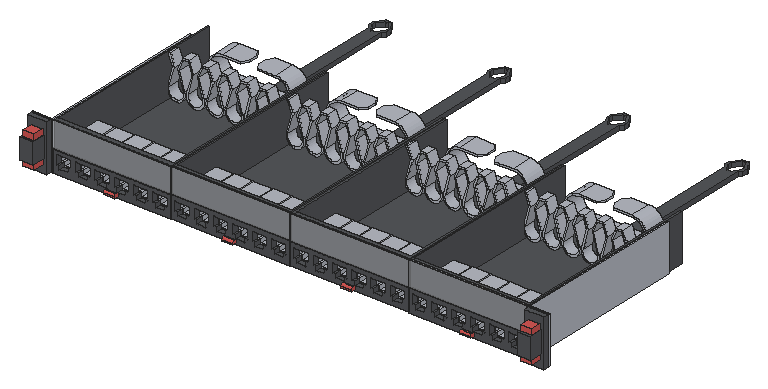
Revit family "Paneles planos de interconexión cobre", category Equipement spécialisé, Revit 2020
Family settings
  Cote de connecteur circulaire = Utiliser le diamètre
  Type d'élément = Normal
  Basée sur le plan de construction = Non
  Toujours verticalement = Oui
  Couper avec des vides une fois chargée = Non
  Partagée = Oui
  Point de calcul de pièce = Non
Parameters (values of type "Panel de interconexión plano 24 RJ45 Cat 8 STP 1U")
  Tipo de conexión = "Toma vampiro para cable plano"
  Tipo de conector = "RJ45"
  Temperatura operativa = "-25°C à 70°C"
  Temperatura de almacenamiento = "-40°C à 70°C"
  Tamaño modular = "19 pulgadas"
  Soporte del cable = "En zigzag"
  Profundidad = 120.00 mm
  Número de pieza Legrand = "033782"
  Número de conectores = "24"
  Numero RAL = "9017"
  Natura del cable para la conexión = "Flexible o rígido"
  Módulos de altura = "1"
  Función = "Paneles de interconexión planos y equipados"
  Formulación BIM = "Panel de interconexión plano 24 RJ45 Cat 8 STP 1U"
  Elévation par défaut = 0.00 mm
  EAN = "3414970982063"
  E-catalogo enlace = "https://www.legrand.fr/reference/033782/pro"
  Color = IDS_NOIR
  Clase de protección IK = "IK03"
  Clase de aplicación = "EC001128"
  Categoria = "8"
  Blindado = yes
  Anchura (mm) = 482.60 mm
  Altura = 44.45 mm
Types (8, lengths in mm): name | Profundidad | Número de pieza Legrand | Formulación BIM | EAN | E-catalogo enlace | Categoria | Blindado | Anchura (mm) | Altura
  Panel de interconexión plano 24 RJ45 Cat 5e UTP 1U | 321.70 | "033750" | "Panel de interconexión plano 24 RJ45 Cat 5e UTP 1U" | "3414970870308" | "https://www.legrand.fr/reference/033750/pro" | "5E" | no | 482.50 | 43.85
  Panel de interconexión plano 24 RJ45 Cat 5e FTP 1U | 321.70 | "033751" | "Panel de interconexión plano 24 RJ45 Cat 5e FTP 1U" | "3414970870322" | "https://www.legrand.fr/reference/033751/pro" | "5E" | yes | 482.50 | 43.85
  Panel de interconexión plano 24 RJ45 Cat 6 UTP 1U | 321.70 | "033760" | "Panel de interconexión plano 24 RJ45 Cat 6 UTP 1U" | "3414970870537" | "https://www.legrand.fr/reference/033760/pro" | "6" | no | 482.50 | 43.85
  Panel de interconexión plano 24 RJ45 Cat 6 FTP 1U | 321.70 | "033761" | "Panel de interconexión plano 24 RJ45 Cat 6 FTP 1U" | "3414970870551" | "https://www.legrand.fr/reference/033761/pro" | "6" | yes | 482.50 | 43.85
  Panel de interconexión plano 24 RJ45 Cat 6 STP 1U | 321.70 | "033762" | "Panel de interconexión plano 24 RJ45 Cat 6 STP 1U" | "3414970870575" | "https://www.legrand.fr/reference/033762/pro" | "6" | yes | 482.50 | 43.85
  Panel de interconexión plano 24 RJ45 Cat 6A UTP 1U | 321.70 | "033770" | "Panel de interconexión plano 24 RJ45 Cat 6A UTP 1U" | "3414970870681" | "https://www.legrand.fr/reference/033770/pro" | "6A" | no | 482.50 | 43.85
  Panel de interconexión plano 24 RJ45 Cat 6A STP 1U | 321.70 | "033772" | "Panel de interconexión plano 24 RJ45 Cat 6A STP 1U" | "3414970870704" | "https://www.legrand.fr/reference/033772/pro" | "6A" | yes | 482.50 | 43.85
  Panel de interconexión plano 24 RJ45 Cat 8 STP 1U | 120.00 | "033782" | "Panel de interconexión plano 24 RJ45 Cat 8 STP 1U" | "3414970982063" | "https://www.legrand.fr/reference/033782/pro" | "8" | yes | 482.60 | 44.45
Reference planes
  plane 1 "Centre (avant/arrière)": y = 106
  plane 2: z = 0
  plane 3: x = 0
  plane 4: y = 104.5
  plane 5: x = -1.5
  plane 6: y = 267
  plane 7: x = -19.5
  plane 8: x = 463
  plane 9: x = 443.5
  plane 10: x = 445
  plane 11: y = 267
  plane 12: z = 43.85
  plane 13: z = 43.85
  plane 14: x = -14.25
  plane 15: x = -6.75
  plane 16: z = 34.803
  plane 17: z = 40.803
  plane 18: z = 25.178
  plane 19: z = 18.678
  plane 20: z = 9.053
  plane 21: z = 3.053
  plane 22: x = 221.75
  plane 23: x = -10.5
  plane 24: x = 221.75
  plane 25: x = 457.75
  plane 26: x = 450.25
  plane 27: z = 34.805
  plane 28: z = 40.805
  plane 29: z = 25.175
  plane 30: z = 18.675
  plane 31: z = 9.045
  plane 32: z = 3.045
  plane 33: x = 221.75
  plane 34: x = 454
  plane 35: z = 21.925
  plane 36: z = 21.925
  plane 37: x = -10.5
  plane 38: z = 21.925
  plane 39: z = 21.925
  plane 40: x = 454
  plane 41: x = -10.5
  plane 42: x = 454
Forms (mm)
  Extrusion 1, solid, material "IDS_ALU"
    sketch origin (-186.207, 0, 0) x (1, 0, 0) y (0, 1, 0)
      loop
        line (166.707, 104.5) -> (186.207, 104.5) -> (186.207, 267) -> (184.707, 267) -> (184.707, 106) -> (166.707, 106) -> (166.707, 104.5)
    from 0 to 43.85
  Extrusion 2, solid, material "IDS_ALU"
    sketch origin (-186.207, 0, 0) x (1, 0, 0) y (0, 1, 0)
      loop
        line (629.707, 104.5) -> (649.207, 104.5) -> (649.207, 106) -> (631.207, 106) -> (631.207, 267) -> (629.707, 267) -> (629.707, 104.5)
    from 0 to 43.85
  Extrusion 3, void
    sketch origin (0, 106, 0) x (1, 0, 0) y (0, 0, 1)
      loop
        line (-14.25, 40.803) -> (-14.25, 34.803) -> (-6.75, 34.803) -> (-6.75, 40.803) -> (-14.25, 40.803)
      loop
        line (-14.25, 25.178) -> (-14.25, 18.678) -> (-6.75, 18.678) -> (-6.75, 25.178) -> (-14.25, 25.178)
      loop
        line (-14.25, 9.053) -> (-14.25, 3.053) -> (-6.75, 3.053) -> (-6.75, 9.053) -> (-14.25, 9.053)
    from 0 to 1.5
  Extrusion 4, void
    sketch origin (443.5, 106, 0) x (-1, 0, 0) y (0, 0, -1)
      loop
        line (-14.25, -40.805) -> (-6.75, -40.805) -> (-6.75, -34.805) -> (-14.25, -34.805) -> (-14.25, -40.805)
      loop
        line (-14.25, -25.175) -> (-6.75, -25.175) -> (-6.75, -18.675) -> (-14.25, -18.675) -> (-14.25, -25.175)
      loop
        line (-14.25, -9.045) -> (-6.75, -9.045) -> (-6.75, -3.045) -> (-14.25, -3.045) -> (-14.25, -9.045)
    from 0 to 1.5
  Extrusion 5, solid, material "IDS_NOIR"
    sketch origin (-19.5, 95.233, 0) x (1, 0, 0) y (0, 0, 1)
      loop
        line (3, 31.425) -> (3, 12.425) -> (15, 12.425) -> (15, 31.425) -> (3, 31.425)
    from -4.267 to 7.733
  Extrusion 6, solid, material "IDS_NOIR"
    sketch origin (443, 104.5, 0) x (1, 0, 0) y (0, 0, 1)
      loop
        line (5, 31.925) -> (5, 11.925) -> (17, 11.925) -> (17, 31.925) -> (5, 31.925)
    from 5 to 17
  Extrusion 7, solid, material "IDS_ROUGE"
    sketch origin (443, 104.5, 0) x (1, 0, 0) y (0, 0, 1)
      loop
        line (6, 31.925) -> (16, 31.925) -> (16, 36.925) -> (6, 36.925) -> (6, 31.925)
      loop
        line (6, 11.925) -> (6, 6.925) -> (16, 6.925) -> (16, 11.925) -> (6, 11.925)
    from 5 to 15
  Extrusion 8, solid, material "IDS_NOIR"
    sketch origin (-19.5, 104.5, 0) x (1, 0, 0) y (0, 0, 1)
      loop
        line (0, 43.85) -> (0, 0) -> (18, 0) -> (18, 43.85) -> (0, 43.85)
    from 0 to 5
  Extrusion 9, solid, material "IDS_ROUGE"
    sketch origin (-19.5, 104.5, 0) x (1, 0, 0) y (0, 0, 1)
      loop
        line (4, 31.425) -> (14, 31.425) -> (14, 36.925) -> (4, 36.925) -> (4, 31.425)
      loop
        line (4, 12.425) -> (4, 6.925) -> (14, 6.925) -> (14, 12.425) -> (4, 12.425)
    from 15 to 5
  Extrusion 10, solid, material "IDS_NOIR"
    sketch origin (-19.5, 104.5, 0) x (1, 0, 0) y (0, 0, 1)
      loop
        line (464.5, 43.85) -> (464.5, 0) -> (482.5, 0) -> (482.5, 43.85) -> (464.5, 43.85)
    from 0 to 5
Cuts and joins
  Extrusion 3, Extrusion 4 cuts Extrusion 1
  Extrusion 4 cuts Extrusion 2
Dimensions and locks
  locked: plane 1 "Centre (avant/arrière)" to plane 4 at 1.5
  locked: plane 5 to plane 3 at 1.5
  locked: plane 6 to plane 4 at 162.5
  plane 7 to plane 3 = 19.50 mm
  plane 7 to plane 8 = 482.50 mm
  locked: plane 9 to plane 8 at 19.5
  plane 9 to plane 10 = 1.50 mm
  locked: plane 12 to level at 43.85
  plane 18 to plane 19 = 6.50 mm
  plane 15 to plane 14 = 7.50 mm
  equal spacing: plane 8, plane 22, plane 7
  plane 23 to plane 22 = 232.25 mm
  equal spacing: plane 15, plane 23, plane 14
  plane 16 to plane 18 = 9.625 mm
  plane 19 to plane 20 = 9.625 mm
  plane 17 to plane 16 = 6.00 mm
  plane 20 to plane 21 = 6.00 mm
  equal spacing: plane 8, plane 24, plane 7
  plane 29 to plane 30 = 6.50 mm
  plane 26 to plane 25 = 7.50 mm
  plane 34 to plane 33 = 232.25 mm
  equal spacing: plane 26, plane 34, plane 25
  plane 27 to plane 29 = 9.63 mm
  plane 30 to plane 31 = 9.63 mm
  plane 28 to plane 27 = 6.00 mm
  plane 31 to plane 32 = 6.00 mm
  plane 3 to cut or joined group of Extrusion 2, Extrusion 4 = 443.50 mm
  equal spacing: plane 12, plane 35, level
  plane 3 to plane 7 = 19.50 mm
  locked: Extrusion 5 sketch curve to Extrusion 5 sketch curve at 12
  locked: plane 36 to level at 21.925
  equal spacing: cut or joined group of Extrusion 1, Extrusion 3, Extrusion 4, plane 37, cut or joined group of Extrusion 1, Extrusion 3, Extrusion 4
  equal spacing: Extrusion 5 sketch curve, plane 37, Extrusion 5 sketch curve
  equal spacing: Extrusion 5 sketch curve, plane 35, Extrusion 5 sketch curve
  equal spacing: plane 13, plane 38, cut or joined group of Extrusion 2, Extrusion 4
  locked: Extrusion 6 sketch curve to Extrusion 6 sketch curve at 12
  equal spacing: Extrusion 6 sketch curve, plane 40, Extrusion 6 sketch curve
  equal spacing: Extrusion 6 sketch curve, plane 39, Extrusion 6 sketch curve
  plane 35 to Extrusion 5 sketch curve = 9.50 mm
  locked: Extrusion 8 to Extrusion 8 at 5
  Extrusion 9 sketch curve to Extrusion 5 = 5.50 mm
  Extrusion 5 to Extrusion 9 sketch curve = 5.50 mm
  locked: Extrusion 9 sketch curve to Extrusion 9 sketch curve at 10  (x2)
  equal spacing: Extrusion 5, plane 41, Extrusion 5
  equal spacing: Extrusion 9 sketch curve, plane 41, Extrusion 9 sketch curve  (x2)
  Extrusion 9 sketch curve to plane 41 = 5.00 mm
  Extrusion 8 to Extrusion 5 = 12.00 mm
  Extrusion 9 to Extrusion 8 = 10.00 mm
  Extrusion 10 to Extrusion 10 = 5.00 mm
  Extrusion 6 to Extrusion 10 = 12.00 mm
  Extrusion 7 to Extrusion 10 = 10.00 mm
  plane 39 to Extrusion 6 sketch curve = 10.00 mm
  equal spacing: cut or joined group of Extrusion 2, Extrusion 4, plane 40, cut or joined group of Extrusion 2, Extrusion 4
  Extrusion 7 sketch curve to Extrusion 6 = 5.00 mm
  Extrusion 6 to Extrusion 7 sketch curve = 5.00 mm
  equal spacing: Extrusion 6, plane 42, Extrusion 6
  equal spacing: Extrusion 7 sketch curve, plane 42, Extrusion 7 sketch curve
  Extrusion 7 sketch curve to plane 42 = 5.00 mm
  aligned and locked: level to plane 2
  aligned and locked: Extrusion 1 sketch curve to plane 4
  aligned and locked: Extrusion 1 sketch curve to plane 3
  aligned and locked: Extrusion 1 sketch curve to plane 5
  aligned and locked: Extrusion 1 sketch curve to plane 1 "Centre (avant/arrière)"
  aligned and locked: Extrusion 1 sketch curve to plane 6
  aligned and locked: Extrusion 1 sketch curve to plane 7
  aligned and locked: Extrusion 1 to level
  aligned and locked: plane 11 to plane 6
  aligned and locked: Extrusion 2 sketch curve to plane 4
  aligned and locked: Extrusion 2 sketch curve to plane 9
  aligned and locked: Extrusion 2 sketch curve to plane 10
  aligned and locked: Extrusion 2 sketch curve to plane 1 "Centre (avant/arrière)"
  aligned and locked: Extrusion 2 sketch curve to plane 8
  aligned and locked: Extrusion 2 sketch curve to plane 11
  aligned and locked: plane 13 to plane 12
  aligned and locked: plane 12 to Extrusion 1
  aligned and locked: Extrusion 2 to Extrusion 1
  aligned and locked: Extrusion 3 sketch curve to plane 17
  aligned and locked: Extrusion 3 sketch curve to plane 16
  aligned and locked: Extrusion 3 sketch curve to plane 14  (x3)
  aligned and locked: Extrusion 3 sketch curve to plane 15  (x3)
  aligned and locked: Extrusion 3 sketch curve to plane 18
  aligned and locked: Extrusion 3 sketch curve to plane 19
  aligned and locked: Extrusion 3 sketch curve to plane 20
  aligned and locked: Extrusion 3 sketch curve to plane 21
  aligned and locked: Extrusion 3 to plane 4
  aligned and locked: Extrusion 3 to plane 1 "Centre (avant/arrière)"
  aligned and locked: plane 28 to Extrusion 4 sketch curve
  aligned and locked: plane 27 to Extrusion 4 sketch curve
  aligned and locked: plane 25 to Extrusion 4 sketch curve  (x3)
  aligned and locked: plane 26 to Extrusion 4 sketch curve  (x3)
  aligned and locked: plane 29 to Extrusion 4 sketch curve
  aligned and locked: plane 30 to Extrusion 4 sketch curve
  aligned and locked: plane 31 to Extrusion 4 sketch curve
  aligned and locked: plane 32 to Extrusion 4 sketch curve
  aligned and locked: plane 3 to nested 1
  aligned and locked: plane 1 "Centre (avant/arrière)" to nested 1
  aligned and locked: Extrusion 7 sketch curve to Extrusion 7 sketch curve  (x2)
  aligned and locked: Extrusion 8 sketch curve to cut or joined group of Extrusion 1, Extrusion 3, Extrusion 4  (x3)
  aligned and locked: level to Extrusion 8 sketch curve
  aligned and locked: plane 4 to Extrusion 8
  aligned and locked: Extrusion 5 to Extrusion 8
  aligned and locked: Extrusion 9 sketch curve to Extrusion 5
  aligned and locked: Extrusion 5 to Extrusion 9 sketch curve
  aligned and locked: Extrusion 5 to Extrusion 9
  aligned and locked: Extrusion 10 sketch curve to cut or joined group of Extrusion 2, Extrusion 4
  aligned and locked: Extrusion 10 sketch curve to plane 8
  aligned and locked: plane 13 to Extrusion 10 sketch curve
  aligned and locked: level to Extrusion 10 sketch curve
  aligned and locked: Extrusion 6 to Extrusion 10
  aligned and locked: Extrusion 6 to Extrusion 7
Automatic sketch dimensions
  Extrusion 1 to Extrusion 6 sketch curve = 11.925 mm
  Extrusion 1 to Extrusion 7 sketch curve = 11.925 mm  (x2)
Nested families
  nested 1: "Casete" at (0, 0, 0), type "Casete"
  nested 2: "Casete" at (110.75, 0, 0), type "Casete"
  nested 3: "Casete" at (221.751, 0, 0), type "Casete"
  nested 4: "Casete" at (332.501, 0, 0), type "Casete"
Definition of nested family "Casete"
  Parameters (values of type "IDS_CASSETTE")
    Default Elevation = 0.00 mm
    Couleur = none
  Reference planes
    plane 1 "Centre (avant/arrière)": y = 106
    plane 2: z = 0
    plane 3: x = 0
    plane 4: y = 104.5
    plane 5: y = 284.5
    plane 6: z = 43.85
    plane 7: x = 0.499
    plane 8: x = 110.499
    plane 9: x = 110.999
    plane 10: z = 8
    plane 11: x = 55.499
    plane 12: x = 3.749
    plane 13: x = 17.249
    plane 14: x = 10.499
    plane 15: z = 16.56
    plane 16: x = 6.249
    plane 17: x = 14.749
    plane 18: z = 4.5
    plane 19: x = 3.749
    plane 20: x = 17.249
    plane 21: x = 10.499
    plane 22: z = 16.56
    plane 23: x = 6.249
    plane 24: x = 14.749
    plane 25: z = 4.5
    plane 26: x = 21.749
    plane 27: x = 35.249
    plane 28: x = 28.499
    plane 29: z = 16.56
    plane 30: x = 24.249
    plane 31: x = 32.749
    plane 32: z = 4.5
    plane 33: x = 39.749
    plane 34: x = 53.249
    plane 35: x = 46.499
    plane 36: z = 16.56
    plane 37: x = 42.249
    plane 38: x = 50.749
    plane 39: z = 4.5
    plane 40: x = 107.249
    plane 41: x = 93.749
    plane 42: x = 100.499
    plane 43: z = 16.56
    plane 44: x = 104.749
    plane 45: x = 96.249
    plane 46: z = 4.5
    plane 47: x = 89.249
    plane 48: x = 75.749
    plane 49: x = 82.499
    plane 50: z = 16.56
    plane 51: x = 86.749
    plane 52: x = 78.249
    plane 53: z = 4.5
    plane 54: x = 71.249
    plane 55: x = 57.749
    plane 56: x = 64.499
    plane 57: z = 16.56
    plane 58: x = 68.749
    plane 59: x = 60.249
    plane 60: z = 4.5
    plane 61: x = 49.499
    plane 62: x = 61.499
    plane 63: y = 427.7
    plane 64: x = 46.999
    plane 65: x = 63.999
    plane 66: through (55.499, 431.839, 1200) normal (0.8192, -0.5736, 0)
    plane 67: through (55.499, 402.561, 1200) normal (-0.8192, -0.5736, 0)
    plane 68: through (55.499, 431.839, 1200) normal (0.8192, 0.5736, 0)
    plane 69: through (55.499, 402.561, 1200) normal (-0.8192, 0.5736, 0)
    plane 70: x = 1.999
    plane 71: x = 108.999
    plane 72: y = 109.5
    plane 73: z = 34
    plane 74: y = 264.5
    plane 75: z = 23
    plane 76: x = 47.499
    plane 77: x = 63.499
    plane 78: y = 278.5
    plane 79: y = 270.5
  Forms (mm)
    Extrusion 1, solid
      sketch origin (-186.207, 0, 0) x (1, 0, 0) y (0, 1, 0)
        loop
          line (186.706, 104.5) -> (296.706, 104.5) -> (296.706, 284.5) -> (186.706, 284.5) -> (186.706, 104.5)
      from 0 to 43.85
    Extrusion 2, void
      sketch origin (0, 106, 0) x (1, 0, 0) y (0, 0, 1)
        loop
          line (3.749, 16.56) -> (3.749, 8) -> (6.249, 8) -> (6.249, 4.5) -> (14.749, 4.5) -> (14.749, 8) -> (17.249, 8) -> (17.249, 16.56) -> (3.749, 16.56)
      from -3.5 to 1.5
    Extrusion 3, void, not visible
      sketch origin (0, 106, 0) x (1, 0, 0) y (0, 0, 1)
        loop
          line (3.749, 16.56) -> (3.749, 8) -> (6.249, 8) -> (6.249, 4.5) -> (14.749, 4.5) -> (14.749, 8) -> (17.249, 8) -> (17.249, 16.56) -> (3.749, 16.56)
      from -3.5 to 1.5
    Extrusion 4, void
      sketch origin (0, 106, 0) x (1, 0, 0) y (0, 0, 1)
        loop
          line (21.749, 16.56) -> (21.749, 8) -> (24.249, 8) -> (24.249, 4.5) -> (32.749, 4.5) -> (32.749, 8) -> (35.249, 8) -> (35.249, 16.56) -> (21.749, 16.56)
      from -3.5 to 1.5
    Extrusion 5, void
      sketch origin (0, 106, 0) x (1, 0, 0) y (0, 0, 1)
        loop
          line (39.749, 16.56) -> (39.749, 8) -> (42.249, 8) -> (42.249, 4.5) -> (50.749, 4.5) -> (50.749, 8) -> (53.249, 8) -> (53.249, 16.56) -> (39.749, 16.56)
      from -3.5 to 1.5
    Extrusion 6, void
      sketch origin (36, 106, 0) x (1, 0, 0) y (0, 0, 1)
        loop
          line (71.249, 16.56) -> (57.749, 16.56) -> (57.749, 8) -> (60.249, 8) -> (60.249, 4.5) -> (68.749, 4.5) -> (68.749, 8) -> (71.249, 8) -> (71.249, 16.56)
      from -3.5 to 1.5
    Extrusion 7, void
      sketch origin (18, 106, 0) x (1, 0, 0) y (0, 0, 1)
        loop
          line (71.249, 16.56) -> (57.749, 16.56) -> (57.749, 8) -> (60.249, 8) -> (60.249, 4.5) -> (68.749, 4.5) -> (68.749, 8) -> (71.249, 8) -> (71.249, 16.56)
      from -3.5 to 1.5
    Extrusion 8, void
      sketch origin (0, 106, 0) x (1, 0, 0) y (0, 0, 1)
        loop
          line (71.249, 16.56) -> (57.749, 16.56) -> (57.749, 8) -> (60.249, 8) -> (60.249, 4.5) -> (68.749, 4.5) -> (68.749, 8) -> (71.249, 8) -> (71.249, 16.56)
      from -3.5 to 1.5
    Extrusion 9, void
      sketch origin (0, 106, 0) x (1, 0, 0) y (0, 0, 1)
        loop
          line (0.499, 43.85) -> (0.499, 20.35) -> (110.499, 20.35) -> (110.499, 43.85) -> (0.499, 43.85)
      from 0 to 1.5
    Extrusion 10, solid
      sketch origin (0, 106, 0) x (1, 0, 0) y (0, 0, 1)
        loop
          line (0.499, 20.35) -> (110.499, 20.35) -> (110.499, 43.85) -> (0.499, 43.85) -> (0.499, 20.35)
      from 0 to 1.5
    Extrusion 11, solid
      sketch origin (0, 106, 0) x (1, 0, 0) y (0, 0, 1)
        loop
          line (50.499, 1) -> (60.499, 1) -> (60.499, 4) -> (50.499, 4) -> (50.499, 1)
      from 1.5 to 5
    Extrusion 12, void
      sketch origin (50.499, 106, 4) x (0, 0, 1) y (0, -1, 0)
        loop
          line (0, 3) -> (0, 5) -> (-2, 5)
          arc (-2, 5) -> (-0.586, 4.414) -> (0, 3) r 2
      from 0 to 10
    Extrusion 13, solid
      sketch origin (-186.207, 0, 0) x (1, 0, 0) y (0, 1, 0)
        loop
          line (235.707, 411.13) -> (235.707, 284.5) -> (247.707, 284.5) -> (247.707, 411.13) -> (250.207, 414.7) -> (250.207, 419.7) -> (244.605, 427.7) -> (238.808, 427.7) -> (233.207, 419.7) -> (233.207, 414.7) -> (235.707, 411.13)
      from 0 to 4
    Extrusion 14, void
      sketch origin (-186.207, 0, 0) x (0, 1, 0) y (1, 0, 0)
        loop
          line (415.331, 235.207) -> (419.069, 235.207) -> (425.7, 239.85) -> (425.7, 243.564) -> (419.069, 248.207) -> (415.331, 248.207) -> (408.7, 243.564) -> (408.7, 239.85) -> (415.331, 235.207)
      from 0 to -4
    Extrusion 15, void
      sketch origin (-186.207, 0, 0) x (0, 1, 0) y (1, 0, 0)
        loop
          line (109.5, 188.206) -> (284.5, 188.206) -> (284.5, 295.206) -> (109.5, 295.206) -> (109.5, 188.206)
      from -4 to -43.85
    Extrusion 16, solid
      sketch origin (-13.605, 284.5, 1200) x (-1, 0, 0) y (0, 0, 1)
        loop
          arc (-94.105, -1161) -> (-107.605, -1174.5) -> (-94.105, -1188) r 13.5
          line (-94.105, -1188) -> (-44.105, -1188)
          arc (-44.105, -1188) -> (-30.605, -1174.5) -> (-44.105, -1161) r 13.5
          line (-44.105, -1161) -> (-94.105, -1161)
        loop
          line (-94.105, -1186.5) -> (-44.105, -1186.5)
          arc (-44.105, -1186.5) -> (-32.105, -1174.5) -> (-44.105, -1162.5) r 12
          line (-44.105, -1162.5) -> (-94.105, -1162.5)
          arc (-94.105, -1162.5) -> (-106.105, -1174.5) -> (-94.105, -1186.5) r 12
      from -20 to 0
    Extrusion 17, solid
      sketch origin (-186.207, 0, 0) x (1, 0, 0) y (0, 1, 0)
        loop
          line (188.206, 284.5) -> (188.206, 272) -> (295.206, 272) -> (295.206, 284.5) -> (188.206, 284.5)
      from 12 to 4
    Extrusion 18, solid
      sketch origin (-186.207, 0, 4) x (0, 1, 0) y (-1, 0, 0)
        loop
          line (111, -188.206) -> (111, -205.206) -> (153.903, -205.206) -> (153.903, -188.206) -> (111, -188.206)
      from 0 to 19
    Extrusion 19, void
      sketch origin (0, 106, 0) x (1, 0, 0) y (0, 0, 1)
        loop
          line (6.249, 8) -> (6.249, 4.5) -> (14.749, 4.5) -> (14.749, 8) -> (17.249, 8) -> (17.249, 16.56) -> (3.749, 16.56) -> (3.749, 8) -> (6.249, 8)
      from -5 to -15
    Extrusion 20, void
      sketch origin (-13.605, 284.5, 1200) x (1, 0, 0) y (0, 0, 1)
        loop
          circle (24.104, -1186.5) r 5.933
      from 130.597 to 150.6
    Extrusion 21, solid, not visible
      sketch origin (-186.207, 0, 4) x (0, 1, 0) y (-1, 0, 0)
        loop
          line (111, -188.206) -> (111, -205.206) -> (153.903, -205.206) -> (153.903, -188.206) -> (111, -188.206)
      from 0 to 19
    Extrusion 22, void, not visible
      sketch origin (0, 106, 0) x (1, 0, 0) y (0, 0, 1)
        loop
          line (6.249, 8) -> (6.249, 4.5) -> (14.749, 4.5) -> (14.749, 8) -> (17.249, 8) -> (17.249, 16.56) -> (3.749, 16.56) -> (3.749, 8) -> (6.249, 8)
      from -5 to -15
    Extrusion 23, void, not visible
      sketch origin (-13.605, 284.5, 1200) x (1, 0, 0) y (0, 0, 1)
        loop
          circle (24.104, -1186.5) r 5.933
      from 130.597 to 150.6
    Extrusion 24, solid
      sketch origin (-168.207, 0, 4) x (0, 1, 0) y (-1, 0, 0)
        loop
          line (111, -188.206) -> (111, -205.206) -> (153.903, -205.206) -> (153.903, -188.206) -> (111, -188.206)
      from 0 to 19
    Extrusion 25, void
      sketch origin (18, 106, 0) x (1, 0, 0) y (0, 0, 1)
        loop
          line (6.249, 8) -> (6.249, 4.5) -> (14.749, 4.5) -> (14.749, 8) -> (17.249, 8) -> (17.249, 16.56) -> (3.749, 16.56) -> (3.749, 8) -> (6.249, 8)
      from -5 to -15
    Extrusion 26, void
      sketch origin (4.395, 284.5, 1200) x (1, 0, 0) y (0, 0, 1)
        loop
          circle (24.104, -1186.5) r 5.933
      from 130.597 to 150.6
    Extrusion 27, solid
      sketch origin (-150.207, 0, 4) x (0, 1, 0) y (-1, 0, 0)
        loop
          line (111, -188.206) -> (111, -205.206) -> (153.903, -205.206) -> (153.903, -188.206) -> (111, -188.206)
      from 0 to 19
    Extrusion 28, void
      sketch origin (36, 106, 0) x (1, 0, 0) y (0, 0, 1)
        loop
          line (6.249, 8) -> (6.249, 4.5) -> (14.749, 4.5) -> (14.749, 8) -> (17.249, 8) -> (17.249, 16.56) -> (3.749, 16.56) -> (3.749, 8) -> (6.249, 8)
      from -5 to -15
    Extrusion 29, void
      sketch origin (22.395, 284.5, 1200) x (1, 0, 0) y (0, 0, 1)
        loop
          circle (24.104, -1186.5) r 5.933
      from 130.597 to 150.6
    Extrusion 30, solid
      sketch origin (-132.207, 0, 4) x (0, 1, 0) y (-1, 0, 0)
        loop
          line (111, -188.206) -> (111, -205.206) -> (153.903, -205.206) -> (153.903, -188.206) -> (111, -188.206)
      from 0 to 19
    Extrusion 31, void
      sketch origin (54, 106, 0) x (1, 0, 0) y (0, 0, 1)
        loop
          line (6.249, 8) -> (6.249, 4.5) -> (14.749, 4.5) -> (14.749, 8) -> (17.249, 8) -> (17.249, 16.56) -> (3.749, 16.56) -> (3.749, 8) -> (6.249, 8)
      from -5 to -15
    Extrusion 32, void
      sketch origin (40.395, 284.5, 1200) x (1, 0, 0) y (0, 0, 1)
        loop
          circle (24.104, -1186.5) r 5.933
      from 130.597 to 150.6
    Extrusion 33, solid
      sketch origin (-114.207, 0, 4) x (0, 1, 0) y (-1, 0, 0)
        loop
          line (111, -188.206) -> (111, -205.206) -> (153.903, -205.206) -> (153.903, -188.206) -> (111, -188.206)
      from 0 to 19
    Extrusion 34, void
      sketch origin (72, 106, 0) x (1, 0, 0) y (0, 0, 1)
        loop
          line (6.249, 8) -> (6.249, 4.5) -> (14.749, 4.5) -> (14.749, 8) -> (17.249, 8) -> (17.249, 16.56) -> (3.749, 16.56) -> (3.749, 8) -> (6.249, 8)
      from -5 to -15
    Extrusion 35, void
      sketch origin (58.395, 284.5, 1200) x (1, 0, 0) y (0, 0, 1)
        loop
          circle (24.104, -1186.5) r 5.933
      from 130.597 to 150.6
    Extrusion 36, solid
      sketch origin (-96.207, 0, 4) x (0, 1, 0) y (-1, 0, 0)
        loop
          line (111, -188.206) -> (111, -205.206) -> (153.903, -205.206) -> (153.903, -188.206) -> (111, -188.206)
      from 0 to 19
    Extrusion 37, void
      sketch origin (90, 106, 0) x (1, 0, 0) y (0, 0, 1)
        loop
          line (6.249, 8) -> (6.249, 4.5) -> (14.749, 4.5) -> (14.749, 8) -> (17.249, 8) -> (17.249, 16.56) -> (3.749, 16.56) -> (3.749, 8) -> (6.249, 8)
      from -5 to -15
    Extrusion 38, void
      sketch origin (76.395, 284.5, 1200) x (1, 0, 0) y (0, 0, 1)
        loop
          circle (24.104, -1186.5) r 5.933
      from 130.597 to 150.6
    Extrusion 39, void
      sketch origin (-186.207, 0, 4) x (-1, 0, 0) y (0, 1, 0)
        loop
          line (-233.707, 264.5) -> (-237.707, 270.5) -> (-237.707, 278.5) -> (-233.707, 284.5) -> (-249.707, 284.5) -> (-245.707, 278.5) -> (-245.707, 270.5) -> (-249.707, 264.5) -> (-233.707, 264.5)
      from -40.074 to -31.309
    Extrusion 40, solid
      sketch origin (90.999, 236, 0) x (-1, 0, 0) y (0, 0, -1)
        loop
          line (56.507, -43.85) -> (56.507, -42.35) -> (51.236, -42.35) -> (47.7, -33.16) -> (52.666, -15.842)
          arc (52.666, -15.842) -> (44.5, -5.005) -> (36.334, -15.842) r 8.495
          line (36.334, -15.842) -> (41.266, -33.04) -> (38.261, -40.85) -> (39.868, -40.85) -> (42.846, -33.11) -> (37.776, -15.428)
          arc (37.776, -15.428) -> (44.5, -6.505) -> (51.224, -15.428) r 6.995
          line (51.224, -15.428) -> (46.119, -33.23) -> (50.206, -43.85) -> (56.507, -43.85)
      from -10 to 0
    Extrusion 41, solid, not visible
      sketch origin (94.516, 236, 0) x (-1, 0, 0) y (0, 0, -1)
        loop
          line (56.507, -43.85) -> (56.507, -42.35) -> (51.236, -42.35) -> (47.7, -33.16) -> (52.666, -15.842)
          arc (52.666, -15.842) -> (44.5, -5.005) -> (36.334, -15.842) r 8.495
          line (36.334, -15.842) -> (41.266, -33.04) -> (38.261, -40.85) -> (39.868, -40.85) -> (42.846, -33.11) -> (37.776, -15.428)
          arc (37.776, -15.428) -> (44.5, -6.505) -> (51.224, -15.428) r 6.995
          line (51.224, -15.428) -> (46.119, -33.23) -> (50.206, -43.85) -> (56.507, -43.85)
      from -10 to 0
    Extrusion 42, solid
      sketch origin (72.999, 236, 0) x (-1, 0, 0) y (0, 0, -1)
        loop
          line (56.507, -43.85) -> (56.507, -42.35) -> (51.236, -42.35) -> (47.7, -33.16) -> (52.666, -15.842)
          arc (52.666, -15.842) -> (44.5, -5.005) -> (36.334, -15.842) r 8.495
          line (36.334, -15.842) -> (41.266, -33.04) -> (38.261, -40.85) -> (39.868, -40.85) -> (42.846, -33.11) -> (37.776, -15.428)
          arc (37.776, -15.428) -> (44.5, -6.505) -> (51.224, -15.428) r 6.995
          line (51.224, -15.428) -> (46.119, -33.23) -> (50.206, -43.85) -> (56.507, -43.85)
      from -10 to 0
    Extrusion 43, solid
      sketch origin (54.999, 236, 0) x (-1, 0, 0) y (0, 0, -1)
        loop
          line (56.507, -43.85) -> (56.507, -42.35) -> (51.236, -42.35) -> (47.7, -33.16) -> (52.666, -15.842)
          arc (52.666, -15.842) -> (44.5, -5.005) -> (36.334, -15.842) r 8.495
          line (36.334, -15.842) -> (41.266, -33.04) -> (38.261, -40.85) -> (39.868, -40.85) -> (42.846, -33.11) -> (37.776, -15.428)
          arc (37.776, -15.428) -> (44.5, -6.505) -> (51.224, -15.428) r 6.995
          line (51.224, -15.428) -> (46.119, -33.23) -> (50.206, -43.85) -> (56.507, -43.85)
      from -10 to 0
    Extrusion 44, solid
      sketch origin (144.999, 236, 0) x (-1, 0, 0) y (0, 0, -1)
        loop
          line (56.507, -43.85) -> (56.507, -42.35) -> (51.236, -42.35) -> (47.7, -33.16) -> (52.666, -15.842)
          arc (52.666, -15.842) -> (44.5, -5.005) -> (36.334, -15.842) r 8.495
          line (36.334, -15.842) -> (41.266, -33.04) -> (38.261, -40.85) -> (39.868, -40.85) -> (42.846, -33.11) -> (37.776, -15.428)
          arc (37.776, -15.428) -> (44.5, -6.505) -> (51.224, -15.428) r 6.995
          line (51.224, -15.428) -> (46.119, -33.23) -> (50.206, -43.85) -> (56.507, -43.85)
      from -10 to 0
    Extrusion 45, solid
      sketch origin (126.999, 236, 0) x (-1, 0, 0) y (0, 0, -1)
        loop
          line (56.507, -43.85) -> (56.507, -42.35) -> (51.236, -42.35) -> (47.7, -33.16) -> (52.666, -15.842)
          arc (52.666, -15.842) -> (44.5, -5.005) -> (36.334, -15.842) r 8.495
          line (36.334, -15.842) -> (41.266, -33.04) -> (38.261, -40.85) -> (39.868, -40.85) -> (42.846, -33.11) -> (37.776, -15.428)
          arc (37.776, -15.428) -> (44.5, -6.505) -> (51.224, -15.428) r 6.995
          line (51.224, -15.428) -> (46.119, -33.23) -> (50.206, -43.85) -> (56.507, -43.85)
      from -10 to 0
    Extrusion 46, solid
      sketch origin (108.999, 236, 0) x (-1, 0, 0) y (0, 0, -1)
        loop
          line (56.507, -43.85) -> (56.507, -42.35) -> (51.236, -42.35) -> (47.7, -33.16) -> (52.666, -15.842)
          arc (52.666, -15.842) -> (44.5, -5.005) -> (36.334, -15.842) r 8.495
          line (36.334, -15.842) -> (41.266, -33.04) -> (38.261, -40.85) -> (39.868, -40.85) -> (42.846, -33.11) -> (37.776, -15.428)
          arc (37.776, -15.428) -> (44.5, -6.505) -> (51.224, -15.428) r 6.995
          line (51.224, -15.428) -> (46.119, -33.23) -> (50.206, -43.85) -> (56.507, -43.85)
      from -10 to 0
    Extrusion 47, void
      sketch origin (54.999, 236, 0) x (1, 0, 0) y (0, 0, -1)
        loop
          line (-56.507, -42.35) -> (-56.507, -43.85) -> (-53, -43.85) -> (-53, -42.35) -> (-56.507, -42.35)
      from 0 to 10
  Cuts and joins
    Extrusion 2, Extrusion 4, Extrusion 5, Extrusion 6, Extrusion 7, Extrusion 8, Extrusion 9, Extrusion 15, Extrusion 19, Extrusion 20, Extrusion 39 cuts Extrusion 1
    Extrusion 19, Extrusion 20, Extrusion 39, Extrusion 47 cuts Extrusion 17
    joined: Extrusion 1, Extrusion 17
    Extrusion 12 cuts Extrusion 11
    Extrusion 14, Extrusion 39 cuts Extrusion 13
    Extrusion 19, Extrusion 20, Extrusion 25 cuts Extrusion 18
    Extrusion 25, Extrusion 26, Extrusion 28, Extrusion 29 cuts Extrusion 24
    Extrusion 28, Extrusion 29, Extrusion 31, Extrusion 32 cuts Extrusion 27
    Extrusion 31, Extrusion 32, Extrusion 34, Extrusion 35 cuts Extrusion 30
    Extrusion 34, Extrusion 35, Extrusion 37, Extrusion 38 cuts Extrusion 33
    Extrusion 37, Extrusion 38 cuts Extrusion 36
    Extrusion 39 cuts Extrusion 16
    Extrusion 47 cuts Extrusion 43
  Dimensions and locks
    locked: plane 6 to level at 43.85
    locked: plane 3 to plane 7 at 0.5
    locked: plane 9 to plane 8 at 0.5
    locked: plane 7 to plane 8 at 110
    locked: plane 4 to plane 1 "Centre (avant/arrière)" at 1.5
    locked: plane 5 to plane 4 at 180
    locked: plane 10 to level at 8
    equal spacing: plane 9, plane 11, plane 3
    equal spacing: plane 13, plane 14, plane 12
    locked: plane 13 to plane 12 at 13.5
    equal spacing: plane 17, plane 14, plane 16
    locked: plane 17 to plane 16 at 8.5
    cut or joined group 1 (Extrusion 1, Extrusion 2, Extrusion 4, Extrusion 5, Extrusion 6, Extrusion 7, Extrusion 8, Extrusion 9, Extrusion 15, Extrusion 17, Extrusion 19, Extrusion 20, Extrusion 39, Extrusion 47) to plane 4 = 5.00 mm
    equal spacing: plane 20, plane 21, plane 19
    locked: plane 20 to plane 19 at 13.5
    equal spacing: plane 24, plane 21, plane 23
    locked: plane 24 to plane 23 at 8.5
    equal spacing: plane 27, plane 28, plane 26
    locked: plane 27 to plane 26 at 13.5
    equal spacing: plane 31, plane 28, plane 30
    locked: plane 31 to plane 30 at 8.5
    equal spacing: plane 34, plane 35, plane 33
    locked: plane 34 to plane 33 at 13.5
    equal spacing: plane 38, plane 35, plane 37
    locked: plane 38 to plane 37 at 8.5
    equal spacing: plane 40, plane 42, plane 41
    locked: plane 40 to plane 41 at 13.5
    equal spacing: plane 44, plane 42, plane 45
    locked: plane 44 to plane 45 at 8.5
    equal spacing: plane 47, plane 49, plane 48
    locked: plane 47 to plane 48 at 13.5
    equal spacing: plane 51, plane 49, plane 52
    locked: plane 51 to plane 52 at 8.5
    equal spacing: plane 54, plane 56, plane 55
    locked: plane 54 to plane 55 at 13.5
    equal spacing: plane 58, plane 56, plane 59
    locked: plane 58 to plane 59 at 8.5
    locked: plane 6 to Extrusion 9 sketch curve at 23.5
    equal spacing: Extrusion 11 sketch curve, plane 11, Extrusion 11 sketch curve
    locked: Extrusion 11 sketch curve to Extrusion 11 sketch curve at 10
    locked: Extrusion 11 sketch curve to Extrusion 11 sketch curve at 3
    level to Extrusion 11 sketch curve = 1.00 mm
    Extrusion 11 to Extrusion 10 = 3.50 mm
    plane 1 "Centre (avant/arrière)" to plane 63 = 321.70 mm
    equal spacing: plane 61, plane 11, plane 62
    plane 61 to plane 62 = 12.00 mm
    plane 64 to plane 61 = 2.50 mm
    plane 62 to plane 65 = 2.50 mm
    locked: Extrusion 13 to Extrusion 13 at 4
    cut or joined group 1 to plane 70 = 1.50 mm
    plane 71 to cut or joined group 1 = 1.50 mm
    plane 72 to plane 4 = 5.00 mm
    locked: cut or joined group 1 to plane 73 at 30
    level to Extrusion 16 sketch curve = 12.00 mm
    Extrusion 16 sketch curve to Extrusion 16 sketch curve = 27.00 mm
    locked: plane 74 to plane 5 at 20
    cut or joined group 1 to Extrusion 17 sketch curve = 12.50 mm
    Extrusion 18 sketch curve to Extrusion 18 sketch curve = 17.00 mm
    locked: plane 75 to level at 23
    Extrusion 21 sketch curve to Extrusion 21 sketch curve = 17.00 mm
    Extrusion 24 sketch curve to Extrusion 24 sketch curve = 17.00 mm
    Extrusion 27 sketch curve to Extrusion 27 sketch curve = 17.00 mm
    Extrusion 30 sketch curve to Extrusion 30 sketch curve = 17.00 mm
    Extrusion 33 sketch curve to Extrusion 33 sketch curve = 17.00 mm
    Extrusion 36 sketch curve to Extrusion 36 sketch curve = 17.00 mm
    Extrusion 39 sketch curve to plane 11 = 4.00 mm
    equal spacing: plane 76, plane 11, plane 77
    plane 76 to plane 77 = 16.00 mm
    aligned and locked: level to plane 2
    aligned and locked: Extrusion 1 sketch curve to plane 7
    aligned and locked: Extrusion 1 sketch curve to plane 4
    aligned and locked: Extrusion 1 sketch curve to plane 8
    aligned and locked: Extrusion 1 sketch curve to plane 5
    aligned and locked: Extrusion 1 to plane 6
    aligned and locked: Extrusion 2 sketch curve to plane 12
    aligned and locked: Extrusion 2 sketch curve to plane 15
    aligned and locked: Extrusion 2 sketch curve to plane 13
    aligned and locked: Extrusion 2 sketch curve to plane 16
    aligned and locked: Extrusion 2 sketch curve to plane 18
    aligned and locked: Extrusion 2 sketch curve to plane 17
    aligned and locked: Extrusion 2 to plane 4
    aligned and locked: Extrusion 3 sketch curve to plane 19
    aligned and locked: Extrusion 3 sketch curve to plane 22
    aligned and locked: Extrusion 3 sketch curve to plane 20
    aligned and locked: Extrusion 3 sketch curve to plane 23
    aligned and locked: Extrusion 3 sketch curve to plane 25
    aligned and locked: Extrusion 3 sketch curve to plane 24
    aligned and locked: Extrusion 4 sketch curve to plane 26
    aligned and locked: Extrusion 4 sketch curve to plane 29
    aligned and locked: Extrusion 4 sketch curve to plane 27
    aligned and locked: Extrusion 4 sketch curve to plane 30
    aligned and locked: Extrusion 4 sketch curve to plane 32
    aligned and locked: Extrusion 4 sketch curve to plane 31
    aligned and locked: Extrusion 5 sketch curve to plane 33
    aligned and locked: Extrusion 5 sketch curve to plane 36
    aligned and locked: Extrusion 5 sketch curve to plane 34
    aligned and locked: Extrusion 5 sketch curve to plane 37
    aligned and locked: Extrusion 5 sketch curve to plane 39
    aligned and locked: Extrusion 5 sketch curve to plane 38
    aligned and locked: plane 40 to Extrusion 6 sketch curve
    aligned and locked: Extrusion 6 sketch curve to plane 43
    aligned and locked: plane 41 to Extrusion 6 sketch curve
    aligned and locked: plane 44 to Extrusion 6 sketch curve
    aligned and locked: Extrusion 6 sketch curve to plane 46
    aligned and locked: plane 45 to Extrusion 6 sketch curve
    aligned and locked: plane 47 to Extrusion 7 sketch curve
    aligned and locked: Extrusion 7 sketch curve to plane 50
    aligned and locked: plane 48 to Extrusion 7 sketch curve
    aligned and locked: plane 51 to Extrusion 7 sketch curve
    aligned and locked: Extrusion 7 sketch curve to plane 53
    aligned and locked: plane 52 to Extrusion 7 sketch curve
    aligned and locked: plane 54 to Extrusion 8 sketch curve
    aligned and locked: Extrusion 8 sketch curve to plane 57
    aligned and locked: plane 55 to Extrusion 8 sketch curve
    aligned and locked: plane 58 to Extrusion 8 sketch curve
    aligned and locked: Extrusion 8 sketch curve to plane 60
    aligned and locked: plane 59 to Extrusion 8 sketch curve
    aligned and locked: Extrusion 9 sketch curve to cut or joined group 1  (x2)
    aligned and locked: Extrusion 9 sketch curve to plane 8
    aligned and locked: Extrusion 9 to plane 4
    aligned and locked: Extrusion 9 to plane 1 "Centre (avant/arrière)"
    aligned and locked: Extrusion 10 sketch curve to cut or joined group 1  (x3)
    aligned and locked: cut or joined group 1 to Extrusion 10 sketch curve
    aligned and locked: Extrusion 10 to plane 4
    aligned and locked: Extrusion 10 to plane 1 "Centre (avant/arrière)"
    aligned and locked: plane 4 to Extrusion 11
    aligned and locked: Extrusion 12 sketch curve to Extrusion 11
    aligned and locked: Extrusion 12 to Extrusion 11
    aligned and locked: Extrusion 11 to Extrusion 12
    aligned and locked: plane 67 to Extrusion 13 sketch curve
    aligned and locked: Extrusion 13 sketch curve to plane 66
    aligned and locked: plane 68 to Extrusion 13 sketch curve
    aligned and locked: Extrusion 13 sketch curve to plane 69
    aligned and locked: Extrusion 13 sketch curve to plane 65
    aligned and locked: Extrusion 13 sketch curve to plane 64
    aligned and locked: Extrusion 13 sketch curve to plane 61
    aligned and locked: Extrusion 13 sketch curve to plane 62
    aligned and locked: Extrusion 13 sketch curve to plane 63
    aligned and locked: Extrusion 13 sketch curve to plane 5
    aligned and locked: Extrusion 13 to level
    aligned and locked: Extrusion 13 to Extrusion 14
    aligned and locked: Extrusion 14 to level
    aligned and locked: plane 72 to Extrusion 15 sketch curve
    aligned and locked: plane 70 to Extrusion 15 sketch curve
    aligned and locked: plane 71 to Extrusion 15 sketch curve
    aligned and locked: plane 5 to Extrusion 15 sketch curve
    aligned and locked: plane 6 to Extrusion 15
    aligned and locked: Extrusion 15 to cut or joined group of Extrusion 13, Extrusion 14, Extrusion 39
    aligned and locked: plane 5 to Extrusion 16
    aligned and locked: plane 74 to Extrusion 16
    aligned and locked: Extrusion 17 sketch curve to cut or joined group 1  (x2)
    aligned and locked: Extrusion 17 to Extrusion 16
    aligned and locked: Extrusion 19 to Extrusion 18
    aligned and locked: Extrusion 2 to Extrusion 15
    aligned and locked: Extrusion 25 to Extrusion 24
    aligned and locked: Extrusion 28 to Extrusion 27
    aligned and locked: Extrusion 31 to Extrusion 30
    aligned and locked: Extrusion 34 to Extrusion 33
    aligned and locked: Extrusion 37 to Extrusion 36
    aligned and locked: Extrusion 47 sketch curve to Extrusion 43  (x2)
    aligned and locked: cut or joined group 1 to Extrusion 47 sketch curve
    aligned and locked: Extrusion 47 sketch curve to cut or joined group 1
  Automatic sketch dimensions
    plane 18 to Extrusion 2 sketch curve = 3.50 mm
    Extrusion 2 sketch curve to Extrusion 2 sketch curve = 3.50 mm
    plane 25 to Extrusion 3 sketch curve = 3.50 mm
    Extrusion 3 sketch curve to Extrusion 3 sketch curve = 3.50 mm
    plane 32 to Extrusion 4 sketch curve = 3.50 mm
    Extrusion 4 sketch curve to Extrusion 4 sketch curve = 3.50 mm
    plane 39 to Extrusion 5 sketch curve = 3.50 mm
    Extrusion 5 sketch curve to Extrusion 5 sketch curve = 3.50 mm
    plane 46 to Extrusion 6 sketch curve = 3.50 mm
    Extrusion 6 sketch curve to Extrusion 6 sketch curve = 3.50 mm
    plane 53 to Extrusion 7 sketch curve = 3.50 mm
    Extrusion 7 sketch curve to Extrusion 7 sketch curve = 3.50 mm
    plane 60 to Extrusion 8 sketch curve = 3.50 mm
    Extrusion 8 sketch curve to Extrusion 8 sketch curve = 3.50 mm
    Extrusion 18 sketch curve to Extrusion 18 sketch curve = 42.903 mm
    Extrusion 19 sketch curve to Extrusion 19 sketch curve = 2.50 mm  (x2)
    Extrusion 19 sketch curve to Extrusion 19 sketch curve = 8.50 mm
    Extrusion 19 sketch curve to Extrusion 19 sketch curve = 3.50 mm  (x2)
    Extrusion 19 sketch curve to Extrusion 19 sketch curve = 8.56 mm
    Extrusion 21 sketch curve to Extrusion 21 sketch curve = 42.903 mm
    Extrusion 22 sketch curve to Extrusion 22 sketch curve = 2.50 mm  (x2)
    Extrusion 22 sketch curve to Extrusion 22 sketch curve = 8.50 mm
    Extrusion 22 sketch curve to Extrusion 22 sketch curve = 3.50 mm  (x2)
    Extrusion 22 sketch curve to Extrusion 22 sketch curve = 8.56 mm
    Extrusion 24 sketch curve to Extrusion 24 sketch curve = 42.903 mm
    Extrusion 25 sketch curve to Extrusion 25 sketch curve = 2.50 mm  (x2)
    Extrusion 25 sketch curve to Extrusion 25 sketch curve = 8.50 mm
    Extrusion 25 sketch curve to Extrusion 25 sketch curve = 3.50 mm  (x2)
    Extrusion 25 sketch curve to Extrusion 25 sketch curve = 8.56 mm
    Extrusion 27 sketch curve to Extrusion 27 sketch curve = 42.903 mm
    Extrusion 28 sketch curve to Extrusion 28 sketch curve = 2.50 mm  (x2)
    Extrusion 28 sketch curve to Extrusion 28 sketch curve = 8.50 mm
    Extrusion 28 sketch curve to Extrusion 28 sketch curve = 3.50 mm  (x2)
    Extrusion 28 sketch curve to Extrusion 28 sketch curve = 8.56 mm
    Extrusion 30 sketch curve to Extrusion 30 sketch curve = 42.903 mm
    Extrusion 31 sketch curve to Extrusion 31 sketch curve = 2.50 mm  (x2)
    Extrusion 31 sketch curve to Extrusion 31 sketch curve = 8.50 mm
    Extrusion 31 sketch curve to Extrusion 31 sketch curve = 3.50 mm  (x2)
    Extrusion 31 sketch curve to Extrusion 31 sketch curve = 8.56 mm
    Extrusion 33 sketch curve to Extrusion 33 sketch curve = 42.903 mm
    Extrusion 34 sketch curve to Extrusion 34 sketch curve = 2.50 mm  (x2)
    Extrusion 34 sketch curve to Extrusion 34 sketch curve = 8.50 mm
    Extrusion 34 sketch curve to Extrusion 34 sketch curve = 3.50 mm  (x2)
    Extrusion 34 sketch curve to Extrusion 34 sketch curve = 8.56 mm
    Extrusion 36 sketch curve to Extrusion 36 sketch curve = 42.903 mm
    Extrusion 37 sketch curve to Extrusion 37 sketch curve = 2.50 mm  (x2)
    Extrusion 37 sketch curve to Extrusion 37 sketch curve = 8.50 mm
    Extrusion 37 sketch curve to Extrusion 37 sketch curve = 3.50 mm  (x2)
    Extrusion 37 sketch curve to Extrusion 37 sketch curve = 8.56 mm
    Extrusion 40 sketch curve to Extrusion 40 sketch curve = 0.00 mm  (x2)
    Extrusion 40 sketch curve to Extrusion 40 sketch curve = 1.442 mm  (x2)
    Extrusion 40 sketch curve to Extrusion 40 sketch curve = 1.927 mm
    Extrusion 40 sketch curve to Extrusion 40 sketch curve = 1.607 mm
    Extrusion 40 sketch curve to Extrusion 40 sketch curve = 1.398 mm
    Extrusion 40 sketch curve to Extrusion 40 sketch curve = 1.58 mm  (x2)
    Extrusion 40 sketch curve to Extrusion 40 sketch curve = 6.724 mm  (x2)
    Extrusion 40 sketch curve to Extrusion 40 sketch curve = 3.273 mm
    Extrusion 40 sketch curve to Extrusion 40 sketch curve = 10.338 mm
    Extrusion 40 sketch curve to Extrusion 40 sketch curve = 1.03 mm
    Extrusion 40 sketch curve to Extrusion 40 sketch curve = 5.272 mm
    Extrusion 40 sketch curve to Extrusion 40 sketch curve = 1.50 mm
    Extrusion 40 sketch curve to Extrusion 40 sketch curve = 3.00 mm
    Extrusion 40 sketch curve to Extrusion 40 sketch curve = 7.62 mm
    Extrusion 40 sketch curve to Extrusion 40 sketch curve = 0.07 mm
    Extrusion 40 sketch curve to Extrusion 40 sketch curve = 0.12 mm
    Extrusion 41 sketch curve to Extrusion 41 sketch curve = 0.00 mm  (x2)
    Extrusion 41 sketch curve to Extrusion 41 sketch curve = 1.442 mm  (x2)
    Extrusion 41 sketch curve to Extrusion 41 sketch curve = 1.927 mm
    Extrusion 41 sketch curve to Extrusion 41 sketch curve = 1.607 mm
    Extrusion 41 sketch curve to Extrusion 41 sketch curve = 1.398 mm
    Extrusion 41 sketch curve to Extrusion 41 sketch curve = 1.58 mm  (x2)
    Extrusion 41 sketch curve to Extrusion 41 sketch curve = 6.724 mm  (x2)
    Extrusion 41 sketch curve to Extrusion 41 sketch curve = 3.273 mm
    Extrusion 41 sketch curve to Extrusion 41 sketch curve = 10.338 mm
    Extrusion 41 sketch curve to Extrusion 41 sketch curve = 1.03 mm
    Extrusion 41 sketch curve to Extrusion 41 sketch curve = 5.272 mm
    Extrusion 41 sketch curve to Extrusion 41 sketch curve = 1.50 mm
    Extrusion 41 sketch curve to Extrusion 41 sketch curve = 3.00 mm
    Extrusion 41 sketch curve to Extrusion 41 sketch curve = 7.62 mm
    Extrusion 41 sketch curve to Extrusion 41 sketch curve = 0.07 mm
    Extrusion 41 sketch curve to Extrusion 41 sketch curve = 0.12 mm
    Extrusion 42 sketch curve to Extrusion 42 sketch curve = 0.00 mm  (x2)
    Extrusion 42 sketch curve to Extrusion 42 sketch curve = 1.442 mm  (x2)
    Extrusion 42 sketch curve to Extrusion 42 sketch curve = 1.927 mm
    Extrusion 42 sketch curve to Extrusion 42 sketch curve = 1.607 mm
    Extrusion 42 sketch curve to Extrusion 42 sketch curve = 1.398 mm
    Extrusion 42 sketch curve to Extrusion 42 sketch curve = 1.58 mm  (x2)
    Extrusion 42 sketch curve to Extrusion 42 sketch curve = 6.724 mm  (x2)
    Extrusion 42 sketch curve to Extrusion 42 sketch curve = 3.273 mm
    Extrusion 42 sketch curve to Extrusion 42 sketch curve = 10.338 mm
    Extrusion 42 sketch curve to Extrusion 42 sketch curve = 1.03 mm
    Extrusion 42 sketch curve to Extrusion 42 sketch curve = 5.272 mm
    Extrusion 42 sketch curve to Extrusion 42 sketch curve = 1.50 mm
    Extrusion 42 sketch curve to Extrusion 42 sketch curve = 3.00 mm
    Extrusion 42 sketch curve to Extrusion 42 sketch curve = 7.62 mm
    Extrusion 42 sketch curve to Extrusion 42 sketch curve = 0.07 mm
    Extrusion 42 sketch curve to Extrusion 42 sketch curve = 0.12 mm
    Extrusion 43 sketch curve to Extrusion 43 sketch curve = 0.00 mm  (x2)
    Extrusion 43 sketch curve to Extrusion 43 sketch curve = 1.442 mm  (x2)
    Extrusion 43 sketch curve to Extrusion 43 sketch curve = 1.927 mm
    Extrusion 43 sketch curve to Extrusion 43 sketch curve = 1.607 mm
    Extrusion 43 sketch curve to Extrusion 43 sketch curve = 1.398 mm
    Extrusion 43 sketch curve to Extrusion 43 sketch curve = 1.58 mm  (x2)
    Extrusion 43 sketch curve to Extrusion 43 sketch curve = 6.724 mm  (x2)
    Extrusion 43 sketch curve to Extrusion 43 sketch curve = 3.273 mm
    Extrusion 43 sketch curve to Extrusion 43 sketch curve = 10.338 mm
    Extrusion 43 sketch curve to Extrusion 43 sketch curve = 1.03 mm
    Extrusion 43 sketch curve to Extrusion 43 sketch curve = 5.272 mm
    Extrusion 43 sketch curve to Extrusion 43 sketch curve = 1.50 mm
    Extrusion 43 sketch curve to Extrusion 43 sketch curve = 3.00 mm
    Extrusion 43 sketch curve to Extrusion 43 sketch curve = 7.62 mm
    Extrusion 43 sketch curve to Extrusion 43 sketch curve = 0.07 mm
    Extrusion 43 sketch curve to Extrusion 43 sketch curve = 0.12 mm
    Extrusion 44 sketch curve to Extrusion 44 sketch curve = 0.00 mm  (x2)
    Extrusion 44 sketch curve to Extrusion 44 sketch curve = 1.442 mm  (x2)
    Extrusion 44 sketch curve to Extrusion 44 sketch curve = 1.927 mm
    Extrusion 44 sketch curve to Extrusion 44 sketch curve = 1.607 mm
    Extrusion 44 sketch curve to Extrusion 44 sketch curve = 1.398 mm
    Extrusion 44 sketch curve to Extrusion 44 sketch curve = 1.58 mm  (x2)
    Extrusion 44 sketch curve to Extrusion 44 sketch curve = 6.724 mm  (x2)
    Extrusion 44 sketch curve to Extrusion 44 sketch curve = 3.273 mm
    Extrusion 44 sketch curve to Extrusion 44 sketch curve = 10.338 mm
    Extrusion 44 sketch curve to Extrusion 44 sketch curve = 1.03 mm
    Extrusion 44 sketch curve to Extrusion 44 sketch curve = 5.272 mm
    Extrusion 44 sketch curve to Extrusion 44 sketch curve = 1.50 mm
    Extrusion 44 sketch curve to Extrusion 44 sketch curve = 3.00 mm
    Extrusion 44 sketch curve to Extrusion 44 sketch curve = 7.62 mm
    Extrusion 44 sketch curve to Extrusion 44 sketch curve = 0.07 mm
    Extrusion 44 sketch curve to Extrusion 44 sketch curve = 0.12 mm
    Extrusion 45 sketch curve to Extrusion 45 sketch curve = 0.00 mm  (x2)
    Extrusion 45 sketch curve to Extrusion 45 sketch curve = 1.442 mm  (x2)
    Extrusion 45 sketch curve to Extrusion 45 sketch curve = 1.927 mm
    Extrusion 45 sketch curve to Extrusion 45 sketch curve = 1.607 mm
    Extrusion 45 sketch curve to Extrusion 45 sketch curve = 1.398 mm
    Extrusion 45 sketch curve to Extrusion 45 sketch curve = 1.58 mm  (x2)
    Extrusion 45 sketch curve to Extrusion 45 sketch curve = 6.724 mm  (x2)
    Extrusion 45 sketch curve to Extrusion 45 sketch curve = 3.273 mm
    Extrusion 45 sketch curve to Extrusion 45 sketch curve = 10.338 mm
    Extrusion 45 sketch curve to Extrusion 45 sketch curve = 1.03 mm
    Extrusion 45 sketch curve to Extrusion 45 sketch curve = 5.272 mm
    Extrusion 45 sketch curve to Extrusion 45 sketch curve = 1.50 mm
    Extrusion 45 sketch curve to Extrusion 45 sketch curve = 3.00 mm
    Extrusion 45 sketch curve to Extrusion 45 sketch curve = 7.62 mm
    Extrusion 45 sketch curve to Extrusion 45 sketch curve = 0.07 mm
    Extrusion 45 sketch curve to Extrusion 45 sketch curve = 0.12 mm
    Extrusion 46 sketch curve to Extrusion 46 sketch curve = 0.00 mm  (x2)
    Extrusion 46 sketch curve to Extrusion 46 sketch curve = 1.442 mm  (x2)
    Extrusion 46 sketch curve to Extrusion 46 sketch curve = 1.927 mm
    Extrusion 46 sketch curve to Extrusion 46 sketch curve = 1.607 mm
    Extrusion 46 sketch curve to Extrusion 46 sketch curve = 1.398 mm
    Extrusion 46 sketch curve to Extrusion 46 sketch curve = 1.58 mm  (x2)
    Extrusion 46 sketch curve to Extrusion 46 sketch curve = 6.724 mm  (x2)
    Extrusion 46 sketch curve to Extrusion 46 sketch curve = 3.273 mm
    Extrusion 46 sketch curve to Extrusion 46 sketch curve = 10.338 mm
    Extrusion 46 sketch curve to Extrusion 46 sketch curve = 1.03 mm
    Extrusion 46 sketch curve to Extrusion 46 sketch curve = 5.272 mm
    Extrusion 46 sketch curve to Extrusion 46 sketch curve = 1.50 mm
    Extrusion 46 sketch curve to Extrusion 46 sketch curve = 3.00 mm
    Extrusion 46 sketch curve to Extrusion 46 sketch curve = 7.62 mm
    Extrusion 46 sketch curve to Extrusion 46 sketch curve = 0.07 mm
    Extrusion 46 sketch curve to Extrusion 46 sketch curve = 0.12 mm
    Extrusion 12 sketch curve to Extrusion 11 = 0.00 mm  (x2)
    Extrusion 11 to Extrusion 12 sketch curve = 1.00 mm
    Extrusion 12 sketch curve to Extrusion 12 sketch curve = 0.00 mm
    plane 11 to Extrusion 14 sketch curve = 1.857 mm  (x2)
    plane 5 to Extrusion 14 sketch curve = 124.20 mm
    Extrusion 14 sketch curve to Extrusion 14 sketch curve = 6.631 mm  (x3)
    Extrusion 14 sketch curve to Extrusion 14 sketch curve = 3.739 mm  (x2)
    Extrusion 14 sketch curve to plane 11 = 1.857 mm  (x2)
    plane 11 to Extrusion 14 sketch curve = 6.50 mm
    Extrusion 14 sketch curve to plane 11 = 6.50 mm
    Extrusion 16 sketch curve to Extrusion 16 sketch curve = 0.00 mm  (x3)
    plane 11 to Extrusion 16 sketch curve = 25.00 mm
    Extrusion 16 sketch curve to plane 11 = 25.00 mm
    Extrusion 16 sketch curve to Extrusion 16 sketch curve = 1.50 mm
    Extrusion 17 sketch curve to plane 5 = 0.00 mm
    Extrusion 39 sketch curve to Extrusion 15 = 0.00 mm
    Extrusion 39 sketch curve to Extrusion 15 = 14.00 mm
    Extrusion 39 sketch curve to Extrusion 39 sketch curve = 8.00 mm
    Extrusion 39 sketch curve to Extrusion 39 sketch curve = 4.00 mm  (x4)
    Extrusion 39 sketch curve to Extrusion 15 = 20.00 mm
    Extrusion 39 sketch curve to Extrusion 15 = 6.00 mm  (x2)
    Extrusion 39 sketch curve to Extrusion 39 sketch curve = 6.00 mm
    radius of Extrusion 20 sketch curve = 5.933 mm
    radius of Extrusion 23 sketch curve = 5.933 mm
    radius of Extrusion 26 sketch curve = 5.933 mm
    radius of Extrusion 29 sketch curve = 5.933 mm
    radius of Extrusion 32 sketch curve = 5.933 mm
    radius of Extrusion 35 sketch curve = 5.933 mm
    radius of Extrusion 38 sketch curve = 5.933 mm
